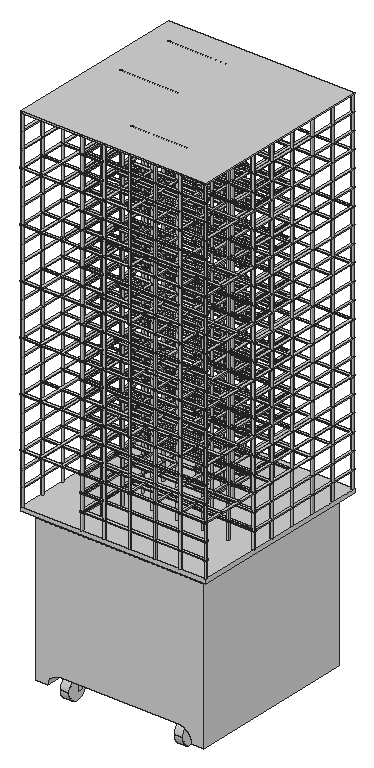
Revit family "HS", category Specialty Equipment, Revit 2012
Parameters (values of type "Hat Spinner Display (Default)")
  URL = "http://madixinc.com/display/freestanding.html"
  Model = "Hat Spinner Display"
  Manufacturer = "© 2012 Madix, Inc. All rights reserved."
Reference planes (in)
  plane 1 "Center (Front/Back)": y = 0
  plane 2: z = 0
  plane 3 "Center (Left/Right)": x = 0
  plane 4: x = -11
  plane 5: x = 11
  plane 6: y = 11
  plane 7: y = -11
  plane 8: x = -10
  plane 9: x = 10
  plane 10: y = 10
  plane 11: y = -10
  plane 12: z = 62
  plane 13: z = 20
  plane 14: z = 18.75
  plane 15: x = -8.375
  plane 16: x = -7.375
  plane 17: x = -7.25
  plane 18: x = 8.375
  plane 19: x = 7.375
  plane 20: x = 7.25
  plane 21: x = -6.125
  plane 22: x = -6.25
  plane 23: x = -7.25
  plane 24: x = -6.25
  plane 25: x = 7.375
  plane 26: x = 7.25
  plane 27: x = 6.125
  plane 28: x = 6.25
  plane 29: x = 7.25
  plane 30: x = 6.25
  plane 31: z = 61.875
  plane 32: x = -3.66667
  plane 33: x = 3.66667
  plane 34: y = 3.66667
  plane 35: y = -3.66667
  plane 36: z = 25.98214
  plane 37: z = 31.96429
  plane 38: z = 37.94643
  plane 39: z = 43.92857
  plane 40: z = 49.91071
  plane 41: z = 55.89286
Forms (in)
  Extrusion 1, solid, material "Metal - Steel"
    sketch origin (0, 0, 0) x (1, 0, 0) y (0, 0, 1)
      loop
        line (-10, 1.5) -> (-8.5, 1.5)
        arc (-8.5, 1.5) -> (-8.13388, 2.38388) -> (-7.25, 2.75) r 1.25
        line (-7.25, 2.75) -> (7, 2.75)
        arc (7, 2.75) -> (8.06066, 2.31066) -> (8.5, 1.25) r 1.5
        line (8.5, 1.25) -> (10, 1.25) -> (10, 18.75) -> (-10, 18.75) -> (-10, 1.5)
    from -10 to 10
  Extrusion 2, solid, material "Metal - Steel"
    sketch origin (0, 0, 0) x (1, 0, 0) y (0, 1, 0)
      loop
        circle (0, 0) r 8.5
    from 18.75 to 19
  Extrusion 3, solid, material "Metal - Steel"
    sketch origin (0, 0, 0) x (1, 0, 0) y (0, 0, 1)
      loop
        line (-9.5, 19) -> (9.5, 19) -> (9.5, 19.5) -> (-9.5, 19.5) -> (-9.5, 19)
    from -10 to 10
  Extrusion 4, solid, material "Metal - Steel"
    sketch origin (0, 0, 0) x (1, 0, 0) y (0, 1, 0)
      loop
        line (-11, 11) -> (-11, -11) -> (11, -11) -> (11, 11) -> (-11, 11)
    from 19.5 to 20
  Extrusion 5, solid, material "Metal - Steel"
    sketch origin (-14.625, 0, 0) x (0, 1, 0) y (0, 0, -1)
      loop
        circle (8.5, -1.25) r 1.25
      loop
        circle (-8.5, -1.25) r 1.25
    from -8.375 to -7.375
  Extrusion 6, solid, material "Metal - Steel"
    sketch origin (0.125, 0, 0) x (0, -1, 0) y (0, 0, 1)
      loop
        line (8.5, 2.75) -> (6.75, 2.75)
        arc (6.75, 2.75) -> (7.26256, 1.51256) -> (8.5, 1) r 1.75
        line (8.5, 1) -> (8.5, 2.75)
    from 6.25 to 6.375
  Extrusion 7, solid, material "Metal - Steel"
    sketch origin (-14.625, 0, 0) x (0, -1, 0) y (0, 0, -1)
      loop
        line (8.5, -2.75) -> (8.5, -1)
        arc (8.5, -1) -> (7.26256, -1.51256) -> (6.75, -2.75) r 1.75
        line (6.75, -2.75) -> (8.5, -2.75)
    from 7.25 to 7.375
  Extrusion 8, solid, material "Metal - Steel"
    sketch origin (14.625, 0, 0) x (0, 1, 0) y (0, 0, 1)
      loop
        circle (8.5, 1.25) r 1.25
      loop
        circle (-8.5, 1.25) r 1.25
    from -8.375 to -7.375
  Extrusion 9, solid, material "Metal - Steel"
    sketch origin (-0.125, 0, 0) x (0, -1, 0) y (0, 0, -1)
      loop
        line (8.5, -2.75) -> (8.5, -1)
        arc (8.5, -1) -> (7.26256, -1.51256) -> (6.75, -2.75) r 1.75
        line (6.75, -2.75) -> (8.5, -2.75)
    from 6.25 to 6.375
  Extrusion 10, solid, material "Metal - Steel"
    sketch origin (14.625, 0, 0) x (0, -1, 0) y (0, 0, 1)
      loop
        line (8.5, 2.75) -> (6.75, 2.75)
        arc (6.75, 2.75) -> (7.26256, 1.51256) -> (8.5, 1) r 1.75
        line (8.5, 1) -> (8.5, 2.75)
    from 7.25 to 7.375
  Extrusion 11, solid, material "Metal - Steel"
    sketch origin (0, 0, 0) x (1, 0, 0) y (0, 0, 1)
      loop
        line (-11, 62) -> (-11, 61.875) -> (11, 61.875) -> (11, 62) -> (-11, 62)
    from -11 to 11
  Extrusion 12, solid, material "Metal - Steel"
    sketch origin (0, 0, 0) x (1, 0, 0) y (0, 1, 0)
      loop
        circle (10.875, -10.875) r 0.125
      loop
        circle (7.875, -10.875) r 0.125
      loop
        circle (4.875, -10.875) r 0.125
      loop
        circle (1.875, -10.875) r 0.125
      loop
        circle (-1.125, -10.875) r 0.125
      loop
        circle (10.875, -3.79167) r 0.125
      loop
        circle (7.875, -3.79167) r 0.125
      loop
        circle (4.875, -3.79167) r 0.125
      loop
        circle (1.875, -3.79167) r 0.125
      loop
        circle (-1.125, -3.79167) r 0.125
    from 20 to 61.875
  Extrusion 13, solid, material "Metal - Steel"
    sketch origin (0, 0, 0) x (0, 1, 0) y (0, 0, 1)
      loop
        circle (-10.875, 22) r 0.12445
      loop
        circle (-10.875, 24) r 0.125
      loop
        circle (-10.875, 26) r 0.125
      loop
        circle (-3.79167, 22) r 0.125
      loop
        circle (-3.79167, 24) r 0.125
      loop
        circle (-3.79167, 26) r 0.125
      loop
        circle (-8.625, 26) r 0.125
      loop
        circle (-6.04167, 26) r 0.125
      loop
        circle (-10.875, 28) r 0.12445
      loop
        circle (-10.875, 30) r 0.125
      loop
        circle (-10.875, 32) r 0.125
      loop
        circle (-3.79167, 28) r 0.125
      loop
        circle (-3.79167, 30) r 0.125
      loop
        circle (-3.79167, 32) r 0.125
      loop
        circle (-8.625, 32) r 0.125
      loop
        circle (-6.04167, 32) r 0.125
      loop
        circle (-10.875, 34) r 0.12445
      loop
        circle (-10.875, 36) r 0.125
      loop
        circle (-10.875, 38) r 0.125
      loop
        circle (-3.79167, 34) r 0.125
      loop
        circle (-3.79167, 36) r 0.125
      loop
        circle (-3.79167, 38) r 0.125
      loop
        circle (-8.625, 38) r 0.125
      loop
        circle (-6.04167, 38) r 0.125
      loop
        circle (-10.875, 40) r 0.12445
      loop
        circle (-10.875, 42) r 0.125
      loop
        circle (-10.875, 44) r 0.125
      loop
        circle (-3.79167, 40) r 0.125
      loop
        circle (-3.79167, 42) r 0.125
      loop
        circle (-3.79167, 44) r 0.125
      loop
        circle (-8.625, 44) r 0.125
      loop
        circle (-6.04167, 44) r 0.125
      loop
        circle (-10.875, 46) r 0.12445
      loop
        circle (-10.875, 48) r 0.125
      loop
        circle (-10.875, 50) r 0.125
      loop
        circle (-3.79167, 46) r 0.125
      loop
        circle (-3.79167, 48) r 0.125
      loop
        circle (-3.79167, 50) r 0.125
      loop
        circle (-8.625, 50) r 0.125
      loop
        circle (-6.04167, 50) r 0.125
      loop
        circle (-10.875, 52) r 0.12445
      loop
        circle (-10.875, 54) r 0.125
      loop
        circle (-10.875, 56) r 0.125
      loop
        circle (-3.79167, 52) r 0.125
      loop
        circle (-3.79167, 54) r 0.125
      loop
        circle (-3.79167, 56) r 0.125
      loop
        circle (-8.625, 56) r 0.125
      loop
        circle (-6.04167, 56) r 0.125
      loop
        circle (-10.875, 58) r 0.12445
      loop
        circle (-10.875, 60) r 0.125
      loop
        circle (-3.79167, 58) r 0.125
      loop
        circle (-3.79167, 60) r 0.125
    from -3.66667 to 11
  Extrusion 14, solid, material "Metal - Steel"
    sketch origin (0, 0, 0) x (1, 0, 0) y (0, 0, 1)
      loop
        circle (-3.54167, 22) r 0.125
      loop
        circle (-3.54167, 24) r 0.125
      loop
        circle (-3.54167, 25.98214) r 0.125
      loop
        circle (-1.125, 25.98214) r 0.125
      loop
        circle (1.875, 25.98214) r 0.125
      loop
        circle (4.875, 25.98214) r 0.125
      loop
        circle (7.875, 25.98214) r 0.125
      loop
        circle (10.875, 25.98214) r 0.125
      loop
        circle (-3.54167, 28) r 0.125
      loop
        circle (-3.54167, 30) r 0.125
      loop
        circle (-3.54167, 31.98214) r 0.125
      loop
        circle (-1.125, 31.98214) r 0.125
      loop
        circle (1.875, 31.98214) r 0.125
      loop
        circle (4.875, 31.98214) r 0.125
      loop
        circle (7.875, 31.98214) r 0.125
      loop
        circle (10.875, 31.98214) r 0.125
      loop
        circle (-3.54167, 34) r 0.125
      loop
        circle (-3.54167, 36) r 0.125
      loop
        circle (-3.54167, 37.98214) r 0.125
      loop
        circle (-1.125, 37.98214) r 0.125
      loop
        circle (1.875, 37.98214) r 0.125
      loop
        circle (4.875, 37.98214) r 0.125
      loop
        circle (7.875, 37.98214) r 0.125
      loop
        circle (10.875, 37.98214) r 0.125
      loop
        circle (-3.54167, 40) r 0.125
      loop
        circle (-3.54167, 42) r 0.125
      loop
        circle (-3.54167, 43.98214) r 0.125
      loop
        circle (-1.125, 43.98214) r 0.125
      loop
        circle (1.875, 43.98214) r 0.125
      loop
        circle (4.875, 43.98214) r 0.125
      loop
        circle (7.875, 43.98214) r 0.125
      loop
        circle (10.875, 43.98214) r 0.125
      loop
        circle (-3.54167, 46) r 0.125
      loop
        circle (-3.54167, 48) r 0.125
      loop
        circle (-3.54167, 49.98214) r 0.125
      loop
        circle (-1.125, 49.98214) r 0.125
      loop
        circle (1.875, 49.98214) r 0.125
      loop
        circle (4.875, 49.98214) r 0.125
      loop
        circle (7.875, 49.98214) r 0.125
      loop
        circle (10.875, 49.98214) r 0.125
      loop
        circle (-3.54167, 52) r 0.125
      loop
        circle (-3.54167, 53.98214) r 0.125
      loop
        circle (-3.54167, 56) r 0.125
      loop
        circle (-1.125, 56) r 0.125
      loop
        circle (1.875, 56) r 0.125
      loop
        circle (4.875, 56) r 0.125
      loop
        circle (7.875, 56) r 0.125
      loop
        circle (10.875, 56) r 0.125
      loop
        circle (-3.54167, 58) r 0.125
      loop
        circle (-3.54167, 59.98214) r 0.125
    from 3.66667 to 11
  Extrusion 15, solid, material "Metal - Steel"
    sketch origin (0, 0, 0) x (0, 1, 0) y (0, 0, 1)
      loop
        circle (-3.54167, 22) r 0.125
      loop
        circle (-3.54167, 24) r 0.125
      loop
        circle (-3.54167, 25.98214) r 0.125
      loop
        circle (-1.125, 25.98214) r 0.125
      loop
        circle (1.875, 25.98214) r 0.125
      loop
        circle (4.875, 25.98214) r 0.125
      loop
        circle (7.875, 25.98214) r 0.125
      loop
        circle (10.875, 25.98214) r 0.125
      loop
        circle (-3.54167, 28) r 0.125
      loop
        circle (-3.54167, 30) r 0.125
      loop
        circle (-3.54167, 31.98214) r 0.125
      loop
        circle (-1.125, 31.98214) r 0.125
      loop
        circle (1.875, 31.98214) r 0.125
      loop
        circle (4.875, 31.98214) r 0.125
      loop
        circle (7.875, 31.98214) r 0.125
      loop
        circle (10.875, 31.98214) r 0.125
      loop
        circle (-3.54167, 34) r 0.125
      loop
        circle (-3.54167, 36) r 0.125
      loop
        circle (-3.54167, 37.98214) r 0.125
      loop
        circle (-1.125, 37.98214) r 0.125
      loop
        circle (1.875, 37.98214) r 0.125
      loop
        circle (4.875, 37.98214) r 0.125
      loop
        circle (7.875, 37.98214) r 0.125
      loop
        circle (10.875, 37.98214) r 0.125
      loop
        circle (-3.54167, 40) r 0.125
      loop
        circle (-3.54167, 42) r 0.125
      loop
        circle (-3.54167, 43.98214) r 0.125
      loop
        circle (-1.125, 43.98214) r 0.125
      loop
        circle (1.875, 43.98214) r 0.125
      loop
        circle (4.875, 43.98214) r 0.125
      loop
        circle (7.875, 43.98214) r 0.125
      loop
        circle (10.875, 43.98214) r 0.125
      loop
        circle (-3.54167, 46) r 0.125
      loop
        circle (-3.54167, 48) r 0.125
      loop
        circle (-3.54167, 49.98214) r 0.125
      loop
        circle (-1.125, 49.98214) r 0.125
      loop
        circle (1.875, 49.98214) r 0.125
      loop
        circle (4.875, 49.98214) r 0.125
      loop
        circle (7.875, 49.98214) r 0.125
      loop
        circle (10.875, 49.98214) r 0.125
      loop
        circle (-3.54167, 52) r 0.125
      loop
        circle (-3.54167, 53.98214) r 0.125
      loop
        circle (-3.54167, 56) r 0.125
      loop
        circle (-1.125, 56) r 0.125
      loop
        circle (1.875, 56) r 0.125
      loop
        circle (4.875, 56) r 0.125
      loop
        circle (7.875, 56) r 0.125
      loop
        circle (10.875, 56) r 0.125
      loop
        circle (-3.54167, 58) r 0.125
      loop
        circle (-3.54167, 59.98214) r 0.125
    from 3.66667 to 11
  Extrusion 16, solid, material "Metal - Steel"
    sketch origin (14.66667, 7.33333, 0) x (1, 0, 0) y (0, 0, 1)
      loop
        circle (-10.875, 22) r 0.12445
      loop
        circle (-10.875, 24) r 0.125
      loop
        circle (-10.875, 26) r 0.125
      loop
        circle (-3.79167, 22) r 0.125
      loop
        circle (-3.79167, 24) r 0.125
      loop
        circle (-3.79167, 26) r 0.125
      loop
        circle (-8.625, 26) r 0.125
      loop
        circle (-6.04167, 26) r 0.125
      loop
        circle (-10.875, 28) r 0.12445
      loop
        circle (-10.875, 30) r 0.125
      loop
        circle (-10.875, 32) r 0.125
      loop
        circle (-3.79167, 28) r 0.125
      loop
        circle (-3.79167, 30) r 0.125
      loop
        circle (-3.79167, 32) r 0.125
      loop
        circle (-8.625, 32) r 0.125
      loop
        circle (-6.04167, 32) r 0.125
      loop
        circle (-10.875, 34) r 0.12445
      loop
        circle (-10.875, 36) r 0.125
      loop
        circle (-10.875, 38) r 0.125
      loop
        circle (-3.79167, 34) r 0.125
      loop
        circle (-3.79167, 36) r 0.125
      loop
        circle (-3.79167, 38) r 0.125
      loop
        circle (-8.625, 38) r 0.125
      loop
        circle (-6.04167, 38) r 0.125
      loop
        circle (-10.875, 40) r 0.12445
      loop
        circle (-10.875, 42) r 0.125
      loop
        circle (-10.875, 44) r 0.125
      loop
        circle (-3.79167, 40) r 0.125
      loop
        circle (-3.79167, 42) r 0.125
      loop
        circle (-3.79167, 44) r 0.125
      loop
        circle (-8.625, 44) r 0.125
      loop
        circle (-6.04167, 44) r 0.125
      loop
        circle (-10.875, 46) r 0.12445
      loop
        circle (-10.875, 48) r 0.125
      loop
        circle (-10.875, 50) r 0.125
      loop
        circle (-3.79167, 46) r 0.125
      loop
        circle (-3.79167, 48) r 0.125
      loop
        circle (-3.79167, 50) r 0.125
      loop
        circle (-8.625, 50) r 0.125
      loop
        circle (-6.04167, 50) r 0.125
      loop
        circle (-10.875, 52) r 0.12445
      loop
        circle (-10.875, 54) r 0.125
      loop
        circle (-10.875, 56) r 0.125
      loop
        circle (-3.79167, 52) r 0.125
      loop
        circle (-3.79167, 54) r 0.125
      loop
        circle (-3.79167, 56) r 0.125
      loop
        circle (-8.625, 56) r 0.125
      loop
        circle (-6.04167, 56) r 0.125
      loop
        circle (-10.875, 58) r 0.12445
      loop
        circle (-10.875, 60) r 0.125
      loop
        circle (-3.79167, 58) r 0.125
      loop
        circle (-3.79167, 60) r 0.125
    from -3.66667 to 11
  Extrusion 17, solid, material "Metal - Steel"
    sketch origin (0, 0, 0) x (0, 1, 0) y (-1, 0, 0)
      loop
        circle (10.875, -10.875) r 0.125
      loop
        circle (7.875, -10.875) r 0.125
      loop
        circle (4.875, -10.875) r 0.125
      loop
        circle (1.875, -10.875) r 0.125
      loop
        circle (-1.125, -10.875) r 0.125
      loop
        circle (10.875, -3.79167) r 0.125
      loop
        circle (7.875, -3.79167) r 0.125
      loop
        circle (4.875, -3.79167) r 0.125
      loop
        circle (1.875, -3.79167) r 0.125
      loop
        circle (-1.125, -3.79167) r 0.125
    from 20 to 61.875
  Extrusion 18, solid, material "Metal - Steel"
    sketch origin (-14.65049, 0.03218, 0) x (-0.004393, -0.99999, 0) y (0, 0, -1)
      loop
        circle (-3.54167, -22) r 0.125
      loop
        circle (-3.54167, -24) r 0.125
      loop
        circle (-3.54167, -25.98214) r 0.125
      loop
        circle (-1.125, -25.98214) r 0.125
      loop
        circle (1.875, -25.98214) r 0.125
      loop
        circle (4.875, -25.98214) r 0.125
      loop
        circle (7.875, -25.98214) r 0.125
      loop
        circle (10.875, -25.98214) r 0.125
      loop
        circle (-3.54167, -28) r 0.125
      loop
        circle (-3.54167, -30) r 0.125
      loop
        circle (-3.54167, -31.98214) r 0.125
      loop
        circle (-1.125, -31.98214) r 0.125
      loop
        circle (1.875, -31.98214) r 0.125
      loop
        circle (4.875, -31.98214) r 0.125
      loop
        circle (7.875, -31.98214) r 0.125
      loop
        circle (10.875, -31.98214) r 0.125
      loop
        circle (-3.54167, -34) r 0.125
      loop
        circle (-3.54167, -36) r 0.125
      loop
        circle (-3.54167, -37.98214) r 0.125
      loop
        circle (-1.125, -37.98214) r 0.125
      loop
        circle (1.875, -37.98214) r 0.125
      loop
        circle (4.875, -37.98214) r 0.125
      loop
        circle (7.875, -37.98214) r 0.125
      loop
        circle (10.875, -37.98214) r 0.125
      loop
        circle (-3.54167, -40) r 0.125
      loop
        circle (-3.54167, -42) r 0.125
      loop
        circle (-3.54167, -43.98214) r 0.125
      loop
        circle (-1.125, -43.98214) r 0.125
      loop
        circle (1.875, -43.98214) r 0.125
      loop
        circle (4.875, -43.98214) r 0.125
      loop
        circle (7.875, -43.98214) r 0.125
      loop
        circle (10.875, -43.98214) r 0.125
      loop
        circle (-3.54167, -46) r 0.125
      loop
        circle (-3.54167, -48) r 0.125
      loop
        circle (-3.54167, -49.98214) r 0.125
      loop
        circle (-1.125, -49.98214) r 0.125
      loop
        circle (1.875, -49.98214) r 0.125
      loop
        circle (4.875, -49.98214) r 0.125
      loop
        circle (7.875, -49.98214) r 0.125
      loop
        circle (10.875, -49.98214) r 0.125
      loop
        circle (-3.54167, -52) r 0.125
      loop
        circle (-3.54167, -53.98214) r 0.125
      loop
        circle (-3.54167, -56) r 0.125
      loop
        circle (-1.125, -56) r 0.125
      loop
        circle (1.875, -56) r 0.125
      loop
        circle (4.875, -56) r 0.125
      loop
        circle (7.875, -56) r 0.125
      loop
        circle (10.875, -56) r 0.125
      loop
        circle (-3.54167, -58) r 0.125
      loop
        circle (-3.54167, -59.98214) r 0.125
    from 3.66667 to 11
  Extrusion 19, solid, material "Metal - Steel"
    sketch origin (-14.66667, 0, 0) x (-1, 0, 0) y (0, 0, -1)
      loop
        circle (-10.875, -22) r 0.12445
      loop
        circle (-10.875, -24) r 0.125
      loop
        circle (-10.875, -26) r 0.125
      loop
        circle (-3.79167, -22) r 0.125
      loop
        circle (-3.79167, -24) r 0.125
      loop
        circle (-3.79167, -26) r 0.125
      loop
        circle (-8.625, -26) r 0.125
      loop
        circle (-6.04167, -26) r 0.125
      loop
        circle (-10.875, -28) r 0.12445
      loop
        circle (-10.875, -30) r 0.125
      loop
        circle (-10.875, -32) r 0.125
      loop
        circle (-3.79167, -28) r 0.125
      loop
        circle (-3.79167, -30) r 0.125
      loop
        circle (-3.79167, -32) r 0.125
      loop
        circle (-8.625, -32) r 0.125
      loop
        circle (-6.04167, -32) r 0.125
      loop
        circle (-10.875, -34) r 0.12445
      loop
        circle (-10.875, -36) r 0.125
      loop
        circle (-10.875, -38) r 0.125
      loop
        circle (-3.79167, -34) r 0.125
      loop
        circle (-3.79167, -36) r 0.125
      loop
        circle (-3.79167, -38) r 0.125
      loop
        circle (-8.625, -38) r 0.125
      loop
        circle (-6.04167, -38) r 0.125
      loop
        circle (-10.875, -40) r 0.12445
      loop
        circle (-10.875, -42) r 0.125
      loop
        circle (-10.875, -44) r 0.125
      loop
        circle (-3.79167, -40) r 0.125
      loop
        circle (-3.79167, -42) r 0.125
      loop
        circle (-3.79167, -44) r 0.125
      loop
        circle (-8.625, -44) r 0.125
      loop
        circle (-6.04167, -44) r 0.125
      loop
        circle (-10.875, -46) r 0.12445
      loop
        circle (-10.875, -48) r 0.125
      loop
        circle (-10.875, -50) r 0.125
      loop
        circle (-3.79167, -46) r 0.125
      loop
        circle (-3.79167, -48) r 0.125
      loop
        circle (-3.79167, -50) r 0.125
      loop
        circle (-8.625, -50) r 0.125
      loop
        circle (-6.04167, -50) r 0.125
      loop
        circle (-10.875, -52) r 0.12445
      loop
        circle (-10.875, -54) r 0.125
      loop
        circle (-10.875, -56) r 0.125
      loop
        circle (-3.79167, -52) r 0.125
      loop
        circle (-3.79167, -54) r 0.125
      loop
        circle (-3.79167, -56) r 0.125
      loop
        circle (-8.625, -56) r 0.125
      loop
        circle (-6.04167, -56) r 0.125
      loop
        circle (-10.875, -58) r 0.12445
      loop
        circle (-10.875, -60) r 0.125
      loop
        circle (-3.79167, -58) r 0.125
      loop
        circle (-3.79167, -60) r 0.125
    from -3.66667 to 11
  Extrusion 20, solid, material "Metal - Steel"
    sketch origin (0, -9.75, 0) x (0, 1, 0) y (-1, 0, 0)
      loop
        circle (10.875, 10.875) r 0.125
      loop
        circle (7.875, 10.875) r 0.125
      loop
        circle (4.875, 10.875) r 0.125
      loop
        circle (1.875, 10.875) r 0.125
      loop
        circle (-1.125, 10.875) r 0.125
      loop
        circle (10.875, 3.79167) r 0.125
      loop
        circle (7.875, 3.79167) r 0.125
      loop
        circle (4.875, 3.79167) r 0.125
      loop
        circle (1.875, 3.79167) r 0.125
      loop
        circle (-1.125, 3.79167) r 0.125
    from 20 to 61.875
  Extrusion 21, solid, material "Metal - Steel"
    sketch origin (0, 14.66667, 0) x (-1, 0, 0) y (0, 0, -1)
      loop
        circle (-3.54167, -22) r 0.125
      loop
        circle (-3.54167, -24) r 0.125
      loop
        circle (-3.54167, -25.98214) r 0.125
      loop
        circle (-1.125, -25.98214) r 0.125
      loop
        circle (1.875, -25.98214) r 0.125
      loop
        circle (4.875, -25.98214) r 0.125
      loop
        circle (7.875, -25.98214) r 0.125
      loop
        circle (10.875, -25.98214) r 0.125
      loop
        circle (-3.54167, -28) r 0.125
      loop
        circle (-3.54167, -30) r 0.125
      loop
        circle (-3.54167, -31.98214) r 0.125
      loop
        circle (-1.125, -31.98214) r 0.125
      loop
        circle (1.875, -31.98214) r 0.125
      loop
        circle (4.875, -31.98214) r 0.125
      loop
        circle (7.875, -31.98214) r 0.125
      loop
        circle (10.875, -31.98214) r 0.125
      loop
        circle (-3.54167, -34) r 0.125
      loop
        circle (-3.54167, -36) r 0.125
      loop
        circle (-3.54167, -37.98214) r 0.125
      loop
        circle (-1.125, -37.98214) r 0.125
      loop
        circle (1.875, -37.98214) r 0.125
      loop
        circle (4.875, -37.98214) r 0.125
      loop
        circle (7.875, -37.98214) r 0.125
      loop
        circle (10.875, -37.98214) r 0.125
      loop
        circle (-3.54167, -40) r 0.125
      loop
        circle (-3.54167, -42) r 0.125
      loop
        circle (-3.54167, -43.98214) r 0.125
      loop
        circle (-1.125, -43.98214) r 0.125
      loop
        circle (1.875, -43.98214) r 0.125
      loop
        circle (4.875, -43.98214) r 0.125
      loop
        circle (7.875, -43.98214) r 0.125
      loop
        circle (10.875, -43.98214) r 0.125
      loop
        circle (-3.54167, -46) r 0.125
      loop
        circle (-3.54167, -48) r 0.125
      loop
        circle (-3.54167, -49.98214) r 0.125
      loop
        circle (-1.125, -49.98214) r 0.125
      loop
        circle (1.875, -49.98214) r 0.125
      loop
        circle (4.875, -49.98214) r 0.125
      loop
        circle (7.875, -49.98214) r 0.125
      loop
        circle (10.875, -49.98214) r 0.125
      loop
        circle (-3.54167, -52) r 0.125
      loop
        circle (-3.54167, -53.98214) r 0.125
      loop
        circle (-3.54167, -56) r 0.125
      loop
        circle (-1.125, -56) r 0.125
      loop
        circle (1.875, -56) r 0.125
      loop
        circle (4.875, -56) r 0.125
      loop
        circle (7.875, -56) r 0.125
      loop
        circle (10.875, -56) r 0.125
      loop
        circle (-3.54167, -58) r 0.125
      loop
        circle (-3.54167, -59.98214) r 0.125
    from 3.66667 to 11
  Extrusion 22, solid, material "Metal - Steel"
    sketch origin (-9.75, 0, 0) x (1, 0, 0) y (0, 1, 0)
      loop
        circle (10.875, 10.875) r 0.125
      loop
        circle (7.875, 10.875) r 0.125
      loop
        circle (4.875, 10.875) r 0.125
      loop
        circle (1.875, 10.875) r 0.125
      loop
        circle (-1.125, 10.875) r 0.125
      loop
        circle (10.875, 3.79167) r 0.125
      loop
        circle (7.875, 3.79167) r 0.125
      loop
        circle (4.875, 3.79167) r 0.125
      loop
        circle (1.875, 3.79167) r 0.125
      loop
        circle (-1.125, 3.79167) r 0.125
    from 20 to 61.875
  Extrusion 23, solid, material "Metal - Steel"
    sketch origin (0, 0, 0) x (0, -1, 0) y (0, 0, 1)
      loop
        circle (-10.875, 22) r 0.12445
      loop
        circle (-10.875, 24) r 0.125
      loop
        circle (-10.875, 26) r 0.125
      loop
        circle (-3.79167, 22) r 0.125
      loop
        circle (-3.79167, 24) r 0.125
      loop
        circle (-3.79167, 26) r 0.125
      loop
        circle (-8.625, 26) r 0.125
      loop
        circle (-6.04167, 26) r 0.125
      loop
        circle (-10.875, 28) r 0.12445
      loop
        circle (-10.875, 30) r 0.125
      loop
        circle (-10.875, 32) r 0.125
      loop
        circle (-3.79167, 28) r 0.125
      loop
        circle (-3.79167, 30) r 0.125
      loop
        circle (-3.79167, 32) r 0.125
      loop
        circle (-8.625, 32) r 0.125
      loop
        circle (-6.04167, 32) r 0.125
      loop
        circle (-10.875, 34) r 0.12445
      loop
        circle (-10.875, 36) r 0.125
      loop
        circle (-10.875, 38) r 0.125
      loop
        circle (-3.79167, 34) r 0.125
      loop
        circle (-3.79167, 36) r 0.125
      loop
        circle (-3.79167, 38) r 0.125
      loop
        circle (-8.625, 38) r 0.125
      loop
        circle (-6.04167, 38) r 0.125
      loop
        circle (-10.875, 40) r 0.12445
      loop
        circle (-10.875, 42) r 0.125
      loop
        circle (-10.875, 44) r 0.125
      loop
        circle (-3.79167, 40) r 0.125
      loop
        circle (-3.79167, 42) r 0.125
      loop
        circle (-3.79167, 44) r 0.125
      loop
        circle (-8.625, 44) r 0.125
      loop
        circle (-6.04167, 44) r 0.125
      loop
        circle (-10.875, 46) r 0.12445
      loop
        circle (-10.875, 48) r 0.125
      loop
        circle (-10.875, 50) r 0.125
      loop
        circle (-3.79167, 46) r 0.125
      loop
        circle (-3.79167, 48) r 0.125
      loop
        circle (-3.79167, 50) r 0.125
      loop
        circle (-8.625, 50) r 0.125
      loop
        circle (-6.04167, 50) r 0.125
      loop
        circle (-10.875, 52) r 0.12445
      loop
        circle (-10.875, 54) r 0.125
      loop
        circle (-10.875, 56) r 0.125
      loop
        circle (-3.79167, 52) r 0.125
      loop
        circle (-3.79167, 54) r 0.125
      loop
        circle (-3.79167, 56) r 0.125
      loop
        circle (-8.625, 56) r 0.125
      loop
        circle (-6.04167, 56) r 0.125
      loop
        circle (-10.875, 58) r 0.12445
      loop
        circle (-10.875, 60) r 0.125
      loop
        circle (-3.79167, 58) r 0.125
      loop
        circle (-3.79167, 60) r 0.125
    from -3.66667 to 11
  Extrusion 24, solid, material "Metal - Steel"
    sketch origin (-0.125, 0, 0) x (0, 1, 0) y (0, 0, 1)
      loop
        line (8.5, 2.75) -> (6.75, 2.75)
        arc (6.75, 2.75) -> (7.26256, 1.51256) -> (8.5, 1) r 1.75
        line (8.5, 1) -> (8.5, 2.75)
    from 6.25 to 6.375
  Extrusion 25, solid, material "Metal - Steel"
    sketch origin (14.625, 0, 0) x (0, 1, 0) y (0, 0, -1)
      loop
        line (8.5, -2.75) -> (8.5, -1)
        arc (8.5, -1) -> (7.26256, -1.51256) -> (6.75, -2.75) r 1.75
        line (6.75, -2.75) -> (8.5, -2.75)
    from 7.25 to 7.375
  Extrusion 26, solid, material "Metal - Steel"
    sketch origin (0.125, 0, 0) x (0, 1, 0) y (0, 0, -1)
      loop
        line (8.5, -2.75) -> (8.5, -1)
        arc (8.5, -1) -> (7.26256, -1.51256) -> (6.75, -2.75) r 1.75
        line (6.75, -2.75) -> (8.5, -2.75)
    from 6.25 to 6.375
  Extrusion 27, solid, material "Metal - Steel"
    sketch origin (-14.625, 0, 0) x (0, 1, 0) y (0, 0, 1)
      loop
        line (8.5, 2.75) -> (6.75, 2.75)
        arc (6.75, 2.75) -> (7.26256, 1.51256) -> (8.5, 1) r 1.75
        line (8.5, 1) -> (8.5, 2.75)
    from 7.25 to 7.375
Dimensions and locks (in)
  aligned and locked: level to plane 2
